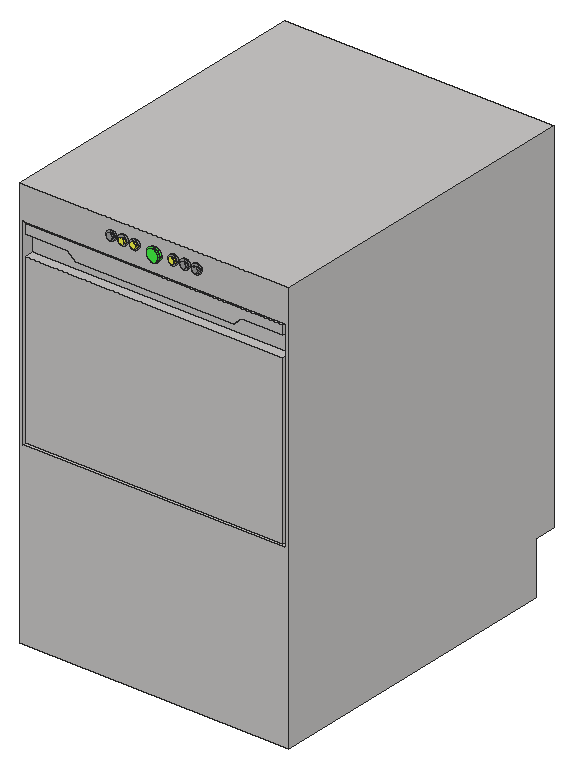
Revit family "QF_ZANUSSI_402233_ZSICW", category Specialty Equipment, Revit 2018
Family settings
  Round Connector Dimension = Use Diameter
  Part Type = Normal
  Work Plane-Based = No
  Always vertical = Yes
  Cut with Voids When Loaded = No
  Shared = No
  Room Calculation Point = No
Parameters
  Weight = 37.00 kg
  Watts = 0 W
  Volts = 0 V
  URL Manufacturer = ""
  URL = "http://professional.electrolux.com/"
  Steam Supply Size = 0 mm
  Steam Supply Minimum Pressure = 0.0 Pa
  Steam Supply Maximum Pressure = 0.0 Pa
  Steam Pounds per Hour = 0
  Show Logo [instance] = yes
  Show Clearance [instance] = yes
  Refrigeration Suction Line Size = 0 mm
  Refrigeration Liquid Line Size = 0 mm
  Refrigerant Compressor Remote = yes
  Manufacturer = ""
  Phase = 0
  Model = ""
  Length Actual = 460 mm  # constant formula
  Item Number = ""
  Hot Water Size = 0 mm
  Height Actual = 715 mm  # constant formula
  HP = "4.4 HP"
  Gas Size = 0 mm
  Gas KW = 0
  Gas Input Pressure = 0 W
  Direct Waste Size = 22 mm
  Description = ""
  Depth Actual = 565 mm  # constant formula
  Cycle = 0 Hz
  Condensate Return Size = 0 mm
  Compressed Air Volume = 0.0 L/s
  Compressed Air Size = 0 mm
  Compressed Air Pressure = 0.0 Pa
  Cold Water Size = 0 mm
  Accessory = yes
Types (2, lengths in mm): name | Volts | URL Manufacturer | URL | Manufacturer | Phase | Model | Item Number | Description | Cycle | Cold Water Size
  (no name) | 0 V | "" | "http://professional.electrolux.com/" | "" | 0 | "" | "" | "" | 0 Hz | 0
  Standard | 220 V | "http://professional.electrolux.com" | "http://professional.electrolux.com" | "Electrolux Professional" | 1 | "ESICW" | "402217" | "GLASSWASHER(S) DOUBLE SKIN, COLD RINSE, WS, 30B/H" | 50 Hz | 19.05
Reference planes
  plane 1 "Center (Front/Back)": y = 0
  plane 2: z = 0
  plane 3 "Center (Left/Right)": x = 0
  plane 4 "LEFT": x = -230
  plane 5 "RIGHT": x = 230
  plane 6 "FRONT": y = -282.5
  plane 7 "BACK": y = 282.5
  plane 8: x = -202.5
  plane 9: x = 202.5
  plane 10: z = 715
  plane 11: z = 10
Forms (mm)
  Extrusion 1, solid, material "QF_Finishes_Stainless Steel"
    sketch origin (0, 0, 0) x (1, 0, 0) y (0, 1, 0)
      loop
        line (-230, -282.5) -> (230, -282.5) -> (230, 243.5) -> (-230, 243.5) -> (-230, -282.5)
    from 10 to 715
  Extrusion 2, solid, material "QF_Finishes_Stainless Steel"
    sketch origin (0, 0, 0) x (1, 0, 0) y (0, 1, 0)
      loop
        line (-230, 243.5) -> (230, 243.5) -> (230, 282.5) -> (-230, 282.5) -> (-230, 243.5)
    from 100 to 715
  Extrusion 3, solid, material "QF_Finishes_Stainless Steel"
    sketch origin (0, 0, 0) x (1, 0, 0) y (0, 1, 0)
      loop
        circle (-202.5, 184.5) r 12.5
      loop
        circle (202.5, 184.5) r 12.5
      loop
        circle (-202.5, -235.5) r 12.5
      loop
        circle (202.5, -235.5) r 12.5
    from 0 to 10
  Extrusion 4, void
    sketch origin (-230, -282.5, 0) x (-1, 0, 0) y (0, 0, 1)
      loop
        line (-5, 658.217) -> (-455, 658.217) -> (-455, 315) -> (-5, 315) -> (-5, 658.217)
    from 0 to 30
  Extrusion 5, solid, material "QF_Finishes_Stainless Steel"
    sketch origin (-288, -392, 738) x (0, 0, -1) y (1, 0, 0)
      loop
        circle (693, 213) r 10
    from -635.5 to -674.5
  Extrusion 6, solid, material "QF_Door-Drawer Clearances", visible <- "Show Clearance", detail levels coarse
    sketch origin (-230, -282.5, 0) x (0, 1, 0) y (0, 0, -1)
      loop
        line (0, -315) -> (-315, -315)
        arc (-315, -315) -> (-223.2, -545.869) -> (0, -655) r 344.605
        line (0, -655) -> (0, -315)
    from -10 to -450
  Extrusion 7, solid, material "QF_Finishes_Stainless Steel"
    sketch origin (-242.481, -392, 738) x (0, 0, -1) y (1, 0, 0)
      loop
        circle (663, 322.481) r 8
    from -635.5 to -674.5
  Extrusion 8, solid, material "QF_Finishes_Green"
    sketch origin (234, -282.5, -28.75) x (-1, 0, 0) y (0, 0, -1)
      loop
        circle (234, -714.569) r 10
    from 0 to 5
  Extrusion 9, solid, material "QF_Finishes_Gray"
    sketch origin (234, -282.5, -24.375) x (-1, 0, 0) y (0, 0, -1)
      loop
        circle (306.936, -713.972) r 5
    from 0 to 5
  Extrusion 10, solid, material "QF_Finishes_Stainless Steel"
    sketch origin (-230, -282.5, 0) x (0, 1, 0) y (0, 0, -1)
      loop
        line (0, -319.622) -> (0, -605) -> (15, -605) -> (15, -655) -> (25, -655) -> (25, -319.622) -> (0, -319.622)
    from -10 to -450
  Extrusion 11, solid, material "QF_Finishes_Stainless Steel"
    sketch origin (-230, -282.5, 0) x (0, 1, 0) y (0, 0, -1)
      loop
        line (15, -655) -> (15, -652.514) -> (2.5, -652.514) -> (2.5, -626.25) -> (0, -626.25) -> (0, -655) -> (15, -655)
    from -10 to -450
  Extrusion 12, void
    sketch origin (-230, -282.5, 655) x (0, 0, 1) y (1, 0, 0)
      loop
        line (-15.552, 10) -> (-15.552, 81.607) -> (-28.75, 94.804) -> (-28.75, 10) -> (-15.552, 10)
      loop
        line (-15.552, 450) -> (-28.75, 450) -> (-28.75, 365.196) -> (-15.552, 378.393) -> (-15.552, 450)
    from 0 to 2.5
  Extrusion 13, solid, material "QF_Finishes_Stainless Steel"
    sketch origin (-328, -392, 738) x (0, 0, -1) y (1, 0, 0)
      loop
        circle (663, 228) r 8
    from -635.5 to -674.5
  Extrusion 14, solid, material "QF_Finishes_Green"
    sketch origin (-230, -282.5, 0) x (1, 0, 0) y (0, 0, 1)
      loop
        circle (230, 685.819) r 12
      loop
        circle (230, 685.819) r 10
    from 0 to 2.5
  Extrusion 15, solid, material "QF_Finishes_Gray"
    sketch origin (-210, -282.5, -28.75) x (1, 0, 0) y (0, 0, 1)
      loop
        circle (262.936, 718.347) r 8
      loop
        circle (262.936, 718.347) r 5
      loop
        circle (242.936, 718.347) r 8
      loop
        circle (242.936, 718.347) r 5
      loop
        circle (282.936, 718.347) r 8
      loop
        circle (282.936, 718.347) r 5
    from 0 to 2.5
  Extrusion 16, solid, material "QF_Finishes_Gray"
    sketch origin (-234, -282.5, -24.375) x (1, 0, 0) y (0, 0, 1)
      loop
        circle (286.936, 713.972) r 5
      loop
        circle (306.936, 713.972) r 5
    from 0 to 5
  Extrusion 17, solid, material "QF_Finishes_Gray"
    sketch origin (210, -282.5, -28.75) x (-1, 0, 0) y (0, 0, -1)
      loop
        circle (262.936, -718.347) r 8
      loop
        circle (262.936, -718.347) r 5
      loop
        circle (242.936, -718.347) r 8
      loop
        circle (242.936, -718.347) r 5
      loop
        circle (282.936, -718.347) r 8
      loop
        circle (282.936, -718.347) r 5
    from 0 to 2.5
  Extrusion 18, solid, material "QF_Finishes_Yellow"
    sketch origin (254, -282.5, -24.375) x (-1, 0, 0) y (0, 0, -1)
      loop
        circle (306.936, -713.972) r 5
    from 0 to 5
  Extrusion 19, solid, material "QF_Finishes_Yellow"
    sketch origin (274, -282.5, -24.375) x (-1, 0, 0) y (0, 0, -1)
      loop
        circle (306.936, -713.972) r 5
    from 0 to 5
  Extrusion 20, solid, material "QF_Finishes_Yellow"
    sketch origin (339.871, -282.5, -24.375) x (-1, 0, 0) y (0, 0, -1)
      loop
        circle (306.936, -713.972) r 5
    from 0 to 5
Cuts and joins
  Extrusion 4 cuts Extrusion 1
  joined: Extrusion 1, Extrusion 2
  Extrusion 12 cuts Extrusion 10
  Extrusion 12 cuts Extrusion 11
Lines and regions (mm)
  Split face 1
    outline origin (-230, -282.5, 715) x (0, 0, -1) y (1, 0, 0)
      loop
        line (35, 0) -> (35, 60) -> (49.142, 74.142) -> (49.142, 214.142) -> (11.456, 214.142)
        arc (11.456, 214.142) -> (9.82, 214.82) -> (9.142, 216.456) r 2.314
        line (9.142, 216.456) -> (9.142, 230) -> (9.142, 243.544)
        arc (9.142, 243.544) -> (9.82, 245.18) -> (11.456, 245.858) r 2.314
        line (11.456, 245.858) -> (49.142, 245.858) -> (49.142, 385.858) -> (35, 400) -> (35, 460)
      loop
        line (56.783, 5) -> (56.783, 0)
      loop
        line (56.783, 455) -> (56.783, 460)
  symbolic lines
    curve 1: line (-230, 282.5, 0) -> (230, 282.5, 0)
    curve 2: line (-230, -282.5, 0) -> (-230, 282.5, 0)
    curve 3: line (230, -282.5, 0) -> (-230, -282.5, 0)
    curve 4: line (230, 282.5, 0) -> (230, -282.5, 0)
    curve 9: line (-80.94, -285, 0) -> (-80.94, -282.5, 0)
    curve 10: line (-64.948, -285, 0) -> (-64.948, -282.5, 0)
    curve 11: line (-77.926, -287.5, 0) -> (-67.936, -287.5, 0)
    curve 12: line (-67.936, -287.5, 0) -> (-67.936, -285, 0)
    curve 13: line (-77.926, -287.5, 0) -> (-77.926, -285, 0)
    curve 14: line (-60.936, -285, 0) -> (-44.936, -285, 0)
    curve 15: line (-44.936, -285, 0) -> (-44.936, -282.5, 0)
    curve 16: line (-60.936, -285, 0) -> (-60.936, -282.5, 0)
    curve 17: line (-57.936, -287.5, 0) -> (-47.936, -287.5, 0)
    curve 18: line (-47.936, -287.5, 0) -> (-47.936, -285, 0)
    curve 19: line (-57.936, -287.5, 0) -> (-57.936, -285, 0)
    curve 20: line (-40.936, -285, 0) -> (-24.936, -285, 0)
    curve 21: line (-24.936, -285, 0) -> (-24.936, -282.5, 0)
    curve 22: line (-40.936, -285, 0) -> (-40.936, -282.5, 0)
    curve 23: line (-37.936, -287.5, 0) -> (-27.936, -287.5, 0)
    curve 24: line (-27.936, -287.5, 0) -> (-27.936, -285, 0)
    curve 25: line (-37.936, -287.5, 0) -> (-37.936, -285, 0)
    curve 26: line (24.936, -285, 0) -> (40.936, -285, 0)
    curve 27: line (40.936, -285, 0) -> (40.936, -282.5, 0)
    curve 28: line (27.936, -287.5, 0) -> (37.936, -287.5, 0)
    curve 29: line (37.936, -287.5, 0) -> (37.936, -285, 0)
    curve 30: line (27.936, -287.5, 0) -> (27.936, -285, 0)
    curve 31: line (24.936, -285, 0) -> (24.936, -282.5, 0)
    curve 32: line (-12, -285, 0) -> (12, -285, 0)
    curve 33: line (12, -285, 0) -> (12, -282.5, 0)
    curve 34: line (-12, -285, 0) -> (-12, -282.5, 0)
    curve 35: line (-10, -287.5, 0) -> (10, -287.5, 0)
    curve 36: line (10, -287.5, 0) -> (10, -285, 0)
    curve 37: line (-10, -287.5, 0) -> (-10, -285, 0)
    curve 39: line (44.936, -285, 0) -> (60.936, -285, 0)
    curve 40: line (60.936, -285, 0) -> (60.936, -282.5, 0)
    curve 41: line (47.936, -287.5, 0) -> (57.936, -287.5, 0)
    curve 42: line (57.936, -287.5, 0) -> (57.936, -285, 0)
    curve 43: line (47.936, -287.5, 0) -> (47.936, -285, 0)
    curve 44: line (44.936, -285, 0) -> (44.936, -282.5, 0)
    curve 45: line (64.936, -285, 0) -> (80.936, -285, 0)
    curve 46: line (80.936, -285, 0) -> (80.936, -282.5, 0)
    curve 47: line (67.936, -287.5, 0) -> (77.936, -287.5, 0)
    curve 48: line (77.936, -287.5, 0) -> (77.936, -285, 0)
    curve 49: line (67.936, -287.5, 0) -> (67.936, -285, 0)
    curve 50: line (64.936, -285, 0) -> (64.936, -282.5, 0)
  symbolic lines, style "QF_Door-Drawer Clearances"
    curve 5: line (-220, -597.5, 0) -> (220, -597.5, 0)
    curve 6: line (220, -597.5, 0) -> (220, -282.5, 0)
    curve 7: line (-220, -597.5, 0) -> (-220, -282.5, 0)
  symbolic lines, style "SpecialityEquipment"
    curve 8: line (-80.94, -285, 0) -> (-64.948, -285, 0)
  symbolic lines, style "SpecialityEquipmentHiddenLines"
    curve 38: line (-230, 243.5, 0) -> (230, 243.5, 0)
Dimensions and locks
  equal spacing: plane 4 "LEFT", plane 3 "Center (Left/Right)", plane 5 "RIGHT"
  equal spacing: plane 7 "BACK", plane 1 "Center (Front/Back)", plane 6 "FRONT"
  plane 7 "BACK" to plane 6 "FRONT" = 565 mm
  plane 4 "LEFT" to plane 5 "RIGHT" = 460 mm
  plane 4 "LEFT" to plane 8 = 27.5 mm
  plane 9 to plane 5 "RIGHT" = 27.5 mm
  locked: plane 11 to level at 10
  plane 4 "LEFT" to plane 3 "Center (Left/Right)" = 230 mm
  plane 10 to level = 715 mm  (x2)
  plane 8 to plane 9 = 405 mm
  level to Extrusion 13 sketch curve = 75 mm
  Extrusion 13 sketch curve to plane 4 "LEFT" = 130 mm
  level to Extrusion 5 sketch curve = 45 mm
  Extrusion 5 sketch curve to plane 4 "LEFT" = 155 mm
  Extrusion 7 sketch curve to plane 4 "LEFT" = 310 mm
  level to Extrusion 7 sketch curve = 75 mm
  locked: Extrusion 3 to cut or joined group of Extrusion 1, Extrusion 2, Extrusion 4 at 98
  Extrusion 3 to Extrusion 3 = 420 mm
  locked: plane 6 "FRONT" to Extrusion 3 at 47
  plane 9 to plane 8 = 405 mm
  plane 7 "BACK" to curve 5 = 880 mm
  cut or joined group of Extrusion 10, Extrusion 12 to cut or joined group of Extrusion 1, Extrusion 2, Extrusion 4 = 290 mm
  aligned and locked: level to plane 2
  aligned and locked: Extrusion 1 sketch curve to plane 6 "FRONT"
  aligned and locked: Extrusion 1 sketch curve to plane 4 "LEFT"
  aligned and locked: plane 5 "RIGHT" to Extrusion 1 sketch curve
  aligned and locked: Extrusion 1 to plane 11
  aligned and locked: Extrusion 2 sketch curve to Extrusion 1  (x2)
  aligned and locked: plane 7 "BACK" to Extrusion 2 sketch curve
  aligned and locked: plane 5 "RIGHT" to Extrusion 2 sketch curve
  aligned and locked: plane 11 to Extrusion 3
  aligned and locked: Extrusion 2 to Extrusion 5
  aligned and locked: Extrusion 2 to Extrusion 7
  aligned and locked: plane 7 "BACK" to Extrusion 7
  aligned and locked: plane 7 "BACK" to Extrusion 5
  aligned and locked: cut or joined group of Extrusion 11, Extrusion 12 to Extrusion 12
  aligned and locked: plane 10 to Extrusion 2
Automatic sketch dimensions
  curve 1 to plane 4 "LEFT" = 0 mm
  curve 7 to plane 6 "FRONT" = 0 mm
  curve 4 to plane 5 "RIGHT" = 0 mm
  curve 2 to plane 7 "BACK" = 0 mm
  plane 4 "LEFT" to curve 5 = 10 mm
  curve 8 to plane 6 "FRONT" = 2.5 mm
  curve 8 to plane 3 "Center (Left/Right)" = 80.94 mm
  curve 8 to curve 11 = 3.013 mm
  curve 11 to curve 11 = 9.991 mm
  curve 12 to curve 10 = 2.987 mm
  curve 8 to curve 16 = 4.013 mm
  curve 14 to curve 19 = 3 mm
  curve 17 to plane 6 "FRONT" = 5 mm
  curve 17 to curve 17 = 10 mm
  curve 18 to curve 14 = 3 mm
  curve 14 to curve 20 = 4 mm
  curve 20 to curve 25 = 3 mm
  curve 24 to plane 6 "FRONT" = 5 mm
  curve 23 to curve 24 = 10 mm
  curve 24 to curve 21 = 3 mm
  curve 34 to plane 6 "FRONT" = 2.5 mm
  curve 34 to plane 3 "Center (Left/Right)" = 12 mm
  curve 32 to curve 37 = 2 mm
  plane 3 "Center (Left/Right)" to curve 36 = 10 mm
  curve 36 to curve 33 = 2 mm
  curve 26 to plane 6 "FRONT" = 2.5 mm
  curve 32 to curve 26 = 12.936 mm
  curve 26 to curve 30 = 3 mm
  curve 28 to plane 6 "FRONT" = 5 mm
  curve 28 to curve 28 = 10 mm
  curve 29 to curve 27 = 3 mm
  curve 26 to curve 44 = 4 mm
  curve 39 to curve 43 = 3 mm
  curve 41 to plane 6 "FRONT" = 5 mm
  curve 41 to curve 41 = 10 mm
  curve 42 to curve 39 = 3 mm
  curve 39 to curve 50 = 4 mm
  curve 45 to curve 47 = 3 mm
  curve 47 to plane 6 "FRONT" = 5 mm
  curve 47 to curve 47 = 10 mm
  curve 48 to curve 45 = 3 mm
  curve 6 to plane 5 "RIGHT" = 10 mm
  curve 35 to curve 36 = 2.5 mm
  curve 11 to curve 13 = 2.5 mm
  curve 15 to plane 6 "FRONT" = 2.5 mm
  curve 20 to plane 6 "FRONT" = 2.5 mm
  curve 40 to plane 6 "FRONT" = 2.5 mm
  curve 45 to plane 6 "FRONT" = 2.5 mm
  curve 38 to plane 7 "BACK" = 39 mm
  Extrusion 1 sketch curve to plane 7 "BACK" = 39 mm
  Extrusion 3 sketch curve to plane 8 = 0 mm  (x2)
  Extrusion 3 sketch curve to plane 9 = 0 mm  (x2)
  plane 6 "FRONT" to Extrusion 3 sketch curve = 47 mm  (x2)
  Extrusion 3 sketch curve to plane 7 "BACK" = 98 mm  (x2)
  Extrusion 4 sketch curve to Extrusion 1 = 5 mm  (x2)
  Extrusion 4 sketch curve to Extrusion 1 = 305 mm
  Extrusion 4 sketch curve to Extrusion 1 = 56.783 mm
  Extrusion 6 sketch curve to plane 6 "FRONT" = 0 mm
  Extrusion 6 sketch curve to plane 6 "FRONT" = 315 mm
  plane 6 "FRONT" to Extrusion 6 sketch curve = 29.589 mm
  Extrusion 6 sketch curve to plane 10 = 60 mm
  plane 11 to Extrusion 6 sketch curve = 305 mm
  Extrusion 8 sketch curve to Extrusion 8 sketch curve = 0 mm  (x2)
  Extrusion 8 sketch curve to plane 3 "Center (Left/Right)" = 0 mm
  Extrusion 8 sketch curve to plane 10 = 29.181 mm
  plane 3 "Center (Left/Right)" to Extrusion 8 sketch curve = 10 mm
  Extrusion 9 sketch curve to Extrusion 9 sketch curve = 0 mm  (x2)
  Extrusion 9 sketch curve to plane 10 = 25.403 mm
  Extrusion 9 sketch curve to plane 3 "Center (Left/Right)" = 72.936 mm
  Extrusion 9 sketch curve to Extrusion 9 sketch curve = 5 mm
  Extrusion 10 sketch curve to plane 6 "FRONT" = 0 mm
  plane 6 "FRONT" to Extrusion 10 sketch curve = 15 mm
  Extrusion 10 sketch curve to Extrusion 10 sketch curve = 25 mm
  Extrusion 10 sketch curve to plane 10 = 60 mm
  Extrusion 10 sketch curve to Extrusion 10 sketch curve = 50 mm
  Extrusion 10 sketch curve to Extrusion 10 sketch curve = 285.378 mm
  Extrusion 11 sketch curve to plane 6 "FRONT" = 0 mm
  Extrusion 11 sketch curve to Extrusion 11 sketch curve = 2.5 mm
  Extrusion 11 sketch curve to Extrusion 11 sketch curve = 12.5 mm
  Extrusion 11 sketch curve to plane 10 = 60 mm
  Extrusion 11 sketch curve to Extrusion 11 sketch curve = 2.486 mm
  Extrusion 11 sketch curve to Extrusion 11 sketch curve = 26.264 mm
  Extrusion 12 sketch curve to Extrusion 11 = 0 mm  (x3)
  Extrusion 11 to Extrusion 12 sketch curve = 0 mm
  Extrusion 12 sketch curve to Extrusion 11 = 13.198 mm  (x2)
  Extrusion 12 sketch curve to Extrusion 11 = 71.607 mm
  Extrusion 12 sketch curve to Extrusion 12 sketch curve = 13.198 mm  (x2)
  Extrusion 12 sketch curve to Extrusion 11 = 84.804 mm
  Extrusion 14 sketch curve to Extrusion 14 sketch curve = 0 mm  (x2)
  Extrusion 1 to Extrusion 14 sketch curve = 29.181 mm
  Extrusion 1 to Extrusion 14 sketch curve = 230 mm
  Extrusion 15 sketch curve to Extrusion 15 sketch curve = 0 mm  (x8)
  plane 3 "Center (Left/Right)" to Extrusion 15 sketch curve = 32.936 mm
  Extrusion 15 sketch curve to Extrusion 15 sketch curve = 20 mm  (x2)
  Extrusion 15 sketch curve to plane 10 = 25.403 mm
  Extrusion 16 sketch curve to Extrusion 16 sketch curve = 0 mm  (x5)
  Extrusion 16 sketch curve to plane 10 = 25.403 mm
  plane 3 "Center (Left/Right)" to Extrusion 16 sketch curve = 52.936 mm
  Extrusion 16 sketch curve to Extrusion 16 sketch curve = 20 mm
  Extrusion 16 sketch curve to Extrusion 16 sketch curve = 5 mm  (x2)
  Split face 1 sketch curve to cut or joined group of Extrusion 1, Extrusion 2, Extrusion 4 = 0 mm  (x6)
  cut or joined group of Extrusion 1, Extrusion 2, Extrusion 4 to Split face 1 sketch curve = 0 mm  (x2)
  cut or joined group of Extrusion 1, Extrusion 2, Extrusion 4 to Split face 1 sketch curve = 7.641 mm  (x2)
  Split face 1 sketch curve to Split face 1 sketch curve = 14.142 mm  (x4)
  Split face 1 sketch curve to cut or joined group of Extrusion 1, Extrusion 2, Extrusion 4 = 11.456 mm  (x2)
  Split face 1 sketch curve to cut or joined group of Extrusion 1, Extrusion 2, Extrusion 4 = 9.142 mm
  Split face 1 sketch curve to cut or joined group of Extrusion 1, Extrusion 2, Extrusion 4 = 55 mm
  Split face 1 sketch curve to Split face 1 sketch curve = 140 mm
  Split face 1 sketch curve to Split face 1 sketch curve = 13.544 mm  (x2)
  Split face 1 sketch curve to cut or joined group of Extrusion 1, Extrusion 2, Extrusion 4 = 69.142 mm
  Extrusion 17 sketch curve to Extrusion 17 sketch curve = 0 mm  (x8)
  Extrusion 17 sketch curve to plane 3 "Center (Left/Right)" = 32.936 mm
  Extrusion 17 sketch curve to Extrusion 17 sketch curve = 20 mm  (x2)
  Extrusion 17 sketch curve to plane 10 = 25.403 mm
  Extrusion 18 sketch curve to Extrusion 18 sketch curve = 0 mm  (x2)
  Extrusion 18 sketch curve to plane 10 = 25.403 mm
  Extrusion 18 sketch curve to plane 3 "Center (Left/Right)" = 52.936 mm
  Extrusion 18 sketch curve to Extrusion 18 sketch curve = 5 mm
  Extrusion 19 sketch curve to Extrusion 19 sketch curve = 0 mm  (x2)
  Extrusion 19 sketch curve to plane 3 "Center (Left/Right)" = 32.936 mm
  Extrusion 19 sketch curve to plane 10 = 25.403 mm
  Extrusion 19 sketch curve to Extrusion 19 sketch curve = 5 mm
  Extrusion 20 sketch curve to Extrusion 20 sketch curve = 0 mm  (x2)
  plane 3 "Center (Left/Right)" to Extrusion 20 sketch curve = 32.936 mm
  Extrusion 20 sketch curve to plane 10 = 25.403 mm
  Extrusion 20 sketch curve to Extrusion 20 sketch curve = 5 mm
  radius of Extrusion 5 sketch curve = 10 mm
  radius of Extrusion 7 sketch curve = 8 mm
  radius of Extrusion 13 sketch curve = 8 mm
  radius of Extrusion 3 sketch curve = 12.5 mm  (x4)
  radius of Extrusion 14 sketch curve = 12 mm
  radius of Extrusion 14 sketch curve = 10 mm
  radius of Extrusion 15 sketch curve = 8 mm  (x3)
  radius of Extrusion 15 sketch curve = 5 mm  (x3)
  radius of Extrusion 17 sketch curve = 8 mm  (x3)
  radius of Extrusion 17 sketch curve = 5 mm  (x3)
Connectors
  piping at (-75, 282.5, 45), diameter 20
    settings: on Extrusion 5, index 1, connector inside diameter 609.6 mm, connector length 0 mm, flow factor 0, pipe flow 0.0 L/s, pressure drop 0.0 Pa, fitting loss kfactor 0, connector angle 0.00°, fixture units 0, engagement length 0 mm, angle of deflection 0.00°, flow configuration 1, flow direction 1, fitting loss method 0, system type 16, joint type 0, gender type 0, connector reference index -1, connector utility 0, adjustable connector no, is connector primary yes, connector description "Drain"
  piping at (80, 282.5, 75), driven by "Cold Water Size"
    settings: on Extrusion 7, index 3, connector diameter 0 mm, connector inside diameter 609.6 mm, connector length 0 mm, flow factor 0, pipe flow 0.0 L/s, pressure drop 0.0 Pa, fitting loss kfactor 0, connector angle 0.00°, fixture units 0, engagement length 0 mm, angle of deflection 0.00°, flow configuration 1, flow direction 1, fitting loss method 0, system type 20, joint type 0, gender type 0, connector reference index -1, connector utility 0, adjustable connector no, is connector primary no, connector description "Cold Water Inlet"
  electrical at (-100, 282.5, 75), driven by "Volts"
    settings: on Extrusion 13, index 4, voltage 0 V, apparent load 0 VA, apparent load phase1 0 VA, apparent load phase2 0 VA, apparent load phase3 0 VA, power factor 1, load classification "Altro", number of poles 1, system type 31, power factor state 1, is connector primary yes, connector utility no, sub classification motor no, connector description "Electrical Connection"
